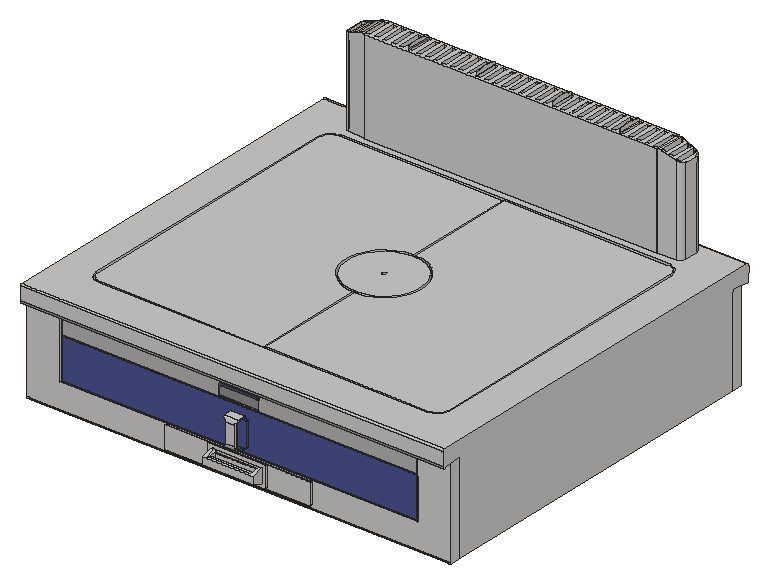
Revit family "QF_ELECTROLUXPROFESSIONAL_593339_MCKDEBDDVO", category Specialty Equipment, Revit 2018 (continued)
Definition of nested family "GG_900_Backsplash for 800 fryer"
  Automatic sketch dimensions
    plane 6 to Extrusion 43 sketch curve = 26.484 mm
    Extrusion 43 sketch curve to Extrusion 43 sketch curve = 3.168 mm
    Extrusion 43 sketch curve to Extrusion 43 sketch curve = 0.003 mm
    Extrusion 43 sketch curve to Extrusion 43 sketch curve = 0.832 mm
    Extrusion 43 sketch curve to Extrusion 43 sketch curve = 11.257 mm
    Extrusion 43 sketch curve to Extrusion 43 sketch curve = 0 mm  (x2)
    Extrusion 43 sketch curve to plane 6 = 0.419 mm
    Extrusion 43 sketch curve to plane 6 = 12.894 mm
    Extrusion 43 sketch curve to Extrusion 43 sketch curve = 10.482 mm
    Extrusion 43 sketch curve to Extrusion 43 sketch curve = 0.775 mm
    Extrusion 43 sketch curve to Extrusion 43 sketch curve = 0.056 mm
    Extrusion 43 sketch curve to Extrusion 43 sketch curve = 4 mm
    level to Extrusion 43 sketch curve = 1058.216 mm
    Extrusion 43 sketch curve to Extrusion 43 sketch curve = 49.354 mm
    Extrusion 43 sketch curve to Extrusion 43 sketch curve = 3.029 mm  (x2)
    Extrusion 43 sketch curve to Extrusion 43 sketch curve = 0.001 mm  (x4)
    Extrusion 43 sketch curve to Extrusion 43 sketch curve = 2.392 mm
    Extrusion 44 sketch curve to Extrusion 44 sketch curve = 0 mm  (x3)
    Extrusion 44 sketch curve to plane 5 = 145 mm
    Extrusion 44 sketch curve to Extrusion 44 sketch curve = 1 mm  (x2)
    Extrusion 44 sketch curve to Extrusion 44 sketch curve = 0.732 mm
    level to Extrusion 44 sketch curve = 1107.571 mm
    plane 6 to Extrusion 45 sketch curve = 26.484 mm
    Extrusion 45 sketch curve to Extrusion 45 sketch curve = 3.168 mm
    Extrusion 45 sketch curve to Extrusion 45 sketch curve = 0.003 mm
    Extrusion 45 sketch curve to Extrusion 45 sketch curve = 0.832 mm
    Extrusion 45 sketch curve to Extrusion 45 sketch curve = 11.257 mm
    Extrusion 45 sketch curve to Extrusion 45 sketch curve = 0 mm  (x2)
    Extrusion 45 sketch curve to plane 6 = 0.419 mm
    Extrusion 45 sketch curve to plane 6 = 12.894 mm
    Extrusion 45 sketch curve to Extrusion 45 sketch curve = 10.482 mm
    Extrusion 45 sketch curve to Extrusion 45 sketch curve = 0.775 mm
    Extrusion 45 sketch curve to Extrusion 45 sketch curve = 0.056 mm
    Extrusion 45 sketch curve to Extrusion 45 sketch curve = 4 mm
    level to Extrusion 45 sketch curve = 1058.216 mm
    Extrusion 45 sketch curve to Extrusion 45 sketch curve = 49.354 mm
    Extrusion 45 sketch curve to Extrusion 45 sketch curve = 3.029 mm  (x2)
    Extrusion 45 sketch curve to Extrusion 45 sketch curve = 0.001 mm  (x4)
    Extrusion 45 sketch curve to Extrusion 45 sketch curve = 2.392 mm
    Extrusion 46 sketch curve to Extrusion 46 sketch curve = 0 mm  (x3)
    plane 3 "Center (Left/Right)" to Extrusion 46 sketch curve = 94.792 mm
    Extrusion 46 sketch curve to Extrusion 46 sketch curve = 1 mm  (x2)
    Extrusion 46 sketch curve to Extrusion 46 sketch curve = 0.732 mm
    level to Extrusion 46 sketch curve = 1107.571 mm
    curve 15 to plane 5 = 0 mm
    plane 6 to curve 6 = 32.954 mm
    curve 17 to plane 4 = 0 mm
    plane 4 to curve 16 = 0.886 mm
    plane 4 to curve 2 = 11.608 mm
    plane 4 to curve 7 = 11.608 mm
    curve 5 to curve 6 = 58.231 mm
    plane 1 "Center (Front/Back)" to curve 1 = 5.039 mm
    curve 3 to curve 1 = 58.231 mm
    curve 8 to plane 5 = 70.951 mm
    curve 1 to curve 6 = 0 mm
    curve 12 to plane 5 = 12.72 mm
    curve 8 to plane 5 = 12.72 mm
    curve 15 to plane 5 = 1.998 mm
    curve 14 to curve 9 = 1.998 mm
    plane 4 to curve 17 = 0.886 mm
    curve 3 to curve 3 = 11.746 mm
    curve 5 to curve 5 = 11.746 mm
    curve 11 to curve 11 = 11.746 mm
    curve 10 to curve 10 = 11.746 mm
    plane 6 to curve 7 = 27.86 mm
    plane 6 to curve 8 = 27.86 mm
    plane 6 to curve 15 = 15.407 mm
    curve 14 to plane 6 = 15.407 mm
    curve 4 to plane 6 = 15.407 mm
    plane 1 "Center (Front/Back)" to curve 2 = 10.134 mm
    plane 1 "Center (Front/Back)" to curve 12 = 10.134 mm
    plane 6 to curve 17 = 15.407 mm
